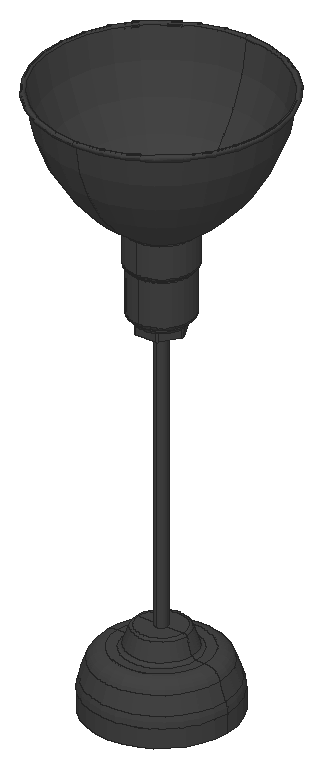
Revit family "BLE-S-DBW-E26", category Lighting Fixtures, host Face, Revit 2022 (continued)
Definition of nested family "CAN-5001"
  Forms (in)
    Revolve 2, solid, material <- "Base Material", visible <- "CAN-5001"
      angle from 0 to 360
    Extrusion 3, void
      sketch origin (0, 0, 0) x (1, 0, 0) y (0, 1, 0)
        loop
          arc (1.4825, 0.20002) -> (1.2825, 0.00002) -> (1.4825, -0.19998) r 0.2
          line (1.4825, -0.19998) -> (2.2325, -0.19998) -> (2.2325, 0.20002) -> (1.4825, 0.20002)
        loop
          line (-1.4825, 0.20002) -> (-2.2325, 0.20002) -> (-2.2325, -0.19998) -> (-1.4825, -0.19998)
          arc (-1.4825, -0.19998) -> (-1.2825, 0.00002) -> (-1.4825, 0.20002) r 0.2
        loop
          arc (-0.13375, 1.44777) -> (0, 1.31402) -> (0.13375, 1.44777) r 0.13375
          line (0.13375, 1.44777) -> (0.13375, 2.23757) -> (-0.13375, 2.23757) -> (-0.13375, 1.44777)
        loop
          line (-0.13375, -1.44777) -> (-0.13375, -2.23757) -> (0.13375, -2.23757) -> (0.13375, -1.44777)
          arc (0.13375, -1.44777) -> (0, -1.31402) -> (-0.13375, -1.44777) r 0.13375
      from 0.1 to 0.82839
  Cuts and joins
    Extrusion 3 cuts Revolve 2
  Dimensions and locks (in)
    aligned and locked: plane 2 to Extrusion 1
    aligned and locked: level to Extrusion 1
    aligned and locked: Revolve 2 sketch curve to plane 3 "Center (Left/Right)"
    aligned and locked: Extrusion 3 to Revolve 2  (x2)
  Automatic sketch dimensions
    Extrusion 1 sketch curve to Extrusion 1 sketch curve = 8' - 0"  (x2)
    Revolve 2 sketch curve to level = 0' - 0"
    Revolve 2 sketch curve to plane 3 "Center (Left/Right)" = 0' - 0"
    Revolve 2 sketch curve to plane 3 "Center (Left/Right)" = 0' - 0.0252"
    Revolve 2 sketch curve to Revolve 2 sketch curve = 0' - 0.4115"
    level to Revolve 2 sketch curve = 0' - 0.1"
    Revolve 2 sketch curve to Revolve 2 sketch curve = 0' - 1.64128"
    Revolve 2 sketch curve to Revolve 2 sketch curve = 0' - 0.10722"
    Revolve 2 sketch curve to Revolve 2 sketch curve = 0' - 0.00349"
    Revolve 2 sketch curve to level = 0' - 2.25543"
    Revolve 2 sketch curve to Revolve 2 sketch curve = 0' - 0.14311"
    Revolve 2 sketch curve to Revolve 2 sketch curve = 0' - 0.53741"
    Extrusion 3 sketch curve to plane 1 "Center (Front/Back)" = 0' - 0.20002"  (x2)
    Extrusion 3 sketch curve to plane 3 "Center (Left/Right)" = 0' - 2.2325"
    plane 1 "Center (Front/Back)" to Extrusion 3 sketch curve = 0' - 0.19998"
    Extrusion 3 sketch curve to Extrusion 3 sketch curve = 0' - 0 3/4"  (x2)
    Extrusion 3 sketch curve to plane 3 "Center (Left/Right)" = 0' - 0.13375"  (x2)
    Extrusion 3 sketch curve to plane 3 "Center (Left/Right)" = 0' - 0"  (x2)
    Extrusion 3 sketch curve to plane 1 "Center (Front/Back)" = 0' - 0.00002"
    plane 3 "Center (Left/Right)" to Extrusion 3 sketch curve = 0' - 1.4825"
    plane 1 "Center (Front/Back)" to Extrusion 3 sketch curve = 0' - 1.44777"
    Extrusion 3 sketch curve to Extrusion 3 sketch curve = 0' - 0.78979"  (x2)
    Extrusion 3 sketch curve to plane 1 "Center (Front/Back)" = 0' - 1.44777"
Definition of nested family "103264"
  Parameters (values of type "103264")
    Heat Sink 9" = yes
    Default Elevation = 2' - 0"
  Reference planes (in)
    plane 1 "Center (Front/Back)": y = 0
    plane 2: z = 0
    plane 3 "Center (Left/Right)": x = 0
  Forms (in)
    Extrusion 1, solid
      sketch origin (0, 0, 0) x (1, 0, 0) y (0, 1, 0)
        loop
          line (-48, 48) -> (-48, -48) -> (48, -48) -> (48, 48) -> (-48, 48)
      from 0 to -12
    Revolve 2, solid, visible <- "Heat Sink 9""
      sketch origin (0, 0, 0) x (1, 0, 0) y (0, 0, 1)
        loop
          line (0, 0) -> (0, 0.62434) -> (-1.30334, 0.62434)
          arc (-1.30334, 0.62434) -> (-1.32437, 0.63289) -> (-1.33347, 0.65368) r 0.03013
          line (-1.33347, 0.65368) -> (-1.34912, 1.25004) -> (-1.62392, 1.25004) -> (-1.62392, 0.90054) -> (-1.81218, 0.90054)
          arc (-1.81218, 0.90054) -> (-2.04769, 0.40262) -> (-2.55995, 0.20019) r 0.74937
          line (-2.55995, 0.20019) -> (-4.45232, 0.20019)
          arc (-4.45232, 0.20019) -> (-4.48531, 0.18703) -> (-4.50018, 0.15477) r 0.04793
          line (-4.50018, 0.15477) -> (-4.50191, 0.12184) -> (-4.39187, 0.01181)
          arc (-4.39187, 0.01181) -> (-4.3788, 0.00307) -> (-4.36337, 0) r 0.04031
          line (-4.36337, 0) -> (0, 0)
        axis (0, 1.25004) -> (0, 0)
      angle from 0 to 360
  Dimensions and locks (in)
    aligned and locked: plane 2 to Extrusion 1
    aligned and locked: level to Extrusion 1
    aligned and locked: Revolve 2 sketch curve to plane 3 "Center (Left/Right)"
  Automatic sketch dimensions
    Extrusion 1 sketch curve to Extrusion 1 sketch curve = 8' - 0"  (x2)
    Revolve 2 sketch curve to level = 0' - 0"
    Revolve 2 sketch curve to plane 3 "Center (Left/Right)" = 0' - 0"
    level to Revolve 2 sketch curve = 0' - 0.62434"
    Revolve 2 sketch curve to plane 3 "Center (Left/Right)" = 0' - 1.30334"
    Revolve 2 sketch curve to Revolve 2 sketch curve = 0' - 0.03012"
    Revolve 2 sketch curve to Revolve 2 sketch curve = 0' - 0.29046"
    Revolve 2 sketch curve to Revolve 2 sketch curve = 0' - 0.18826"
    level to Revolve 2 sketch curve = 0' - 0.20019"
    Revolve 2 sketch curve to Revolve 2 sketch curve = 0' - 0.74777"
    Revolve 2 sketch curve to Revolve 2 sketch curve = 0' - 1.80342"
    level to Revolve 2 sketch curve = 0' - 0.01181"
    Revolve 2 sketch curve to Revolve 2 sketch curve = 0' - 0.0285"
    Revolve 2 sketch curve to Revolve 2 sketch curve = 0' - 0.08895"
    level to Revolve 2 sketch curve = 0' - 0.15477"
    Revolve 2 sketch curve to Revolve 2 sketch curve = 0' - 0.04786"
    Revolve 2 sketch curve to Revolve 2 sketch curve = 0' - 0.24686"
    Revolve 2 sketch curve to Revolve 2 sketch curve = 0' - 0.3495"
    Revolve 2 sketch curve to Revolve 2 sketch curve = 0' - 0.27481"
    Revolve 2 sketch curve to level = 0' - 1.22145"
    Revolve 2 sketch curve to Revolve 2 sketch curve = 0' - 1.65421"
Definition of nested family "STM-75XX"
  Parameters (values of type "STM-75XX")
    Stem Material = none
    Stem Length = 0' - 11.9985"
    STM-75XX = yes
    Default Elevation = 3' - 0"
  Reference planes (in)
    plane 1 "Center (Front/Back)": y = 0
    plane 2: z = -0.0015
    plane 3 "Center (Left/Right)": x = 0
    plane 4 "Wood Height": z = -0.0015
    plane 5: z = 11.997
  Forms (in)
    Extrusion 1, solid
      sketch origin (0, 0, 0) x (1, 0, 0) y (0, 1, 0)
        loop
          line (-48, 48) -> (-48, -48) -> (48, -48) -> (48, 48) -> (-48, 48)
      from -0.0015 to -12
    Extrusion 2, solid, material <- "Stem Material", visible <- "STM-75XX"
      sketch origin (0, 0, 0) x (1, 0, 0) y (0, 1, 0)
        loop
          circle (0, 0) r 0.375
      from 0 to 11.9985 <- "Stem Length"
  Dimensions and locks (in)
    "Stem Length": plane 5 to Extrusion 1
    aligned and locked: plane 2 to Extrusion 1
    aligned and locked: level to Extrusion 1
    aligned and locked: Extrusion 1 to plane 4 "Wood Height"
    aligned and locked: plane 5 to Extrusion 2
  Automatic sketch dimensions
    Extrusion 1 sketch curve to Extrusion 1 sketch curve = 8' - 0"  (x2)
    plane 1 "Center (Front/Back)" to Extrusion 2 sketch curve = 0' - 0"
    Extrusion 2 sketch curve to plane 3 "Center (Left/Right)" = 0' - 0"
    radius of Extrusion 2 sketch curve = 0' - 0 3/8"
Types (37): name | SUB-0062 | STM-75XX | STM-50XX | SHD-0189 | CAN-5001 | Base Height | 24" | 20" | 16" | 14" | 12" | 10"
  (no name) | no | no | yes | yes | no | 0' - 3 11/32" | no | no | no | no | no | yes
  10" 1/2" Stem Swivel Base | yes | no | yes | no | no | 0' - 5 37/256" | no | no | no | no | no | yes
  12" 1/2" Stem Large Base | no | no | yes | yes | no | 0' - 3 11/32" | no | no | no | no | yes | no
  14" 1/2" Stem Large Base | no | no | yes | yes | no | 0' - 3 11/32" | no | no | no | yes | no | no
  16" 1/2" Stem Large Base | no | no | yes | yes | no | 0' - 3 11/32" | no | no | yes | no | no | no
  10" 1/2" Stem Large Base | no | no | yes | yes | no | 0' - 3 11/32" | no | no | no | no | no | yes
  10" 1/2" Stem Small Base | no | no | yes | no | yes | 0' - 0 53/64" | no | no | no | no | no | yes
  12" 1/2" Stem Small Base | no | no | yes | no | yes | 0' - 0 53/64" | no | no | no | no | yes | no
  12" 1/2" Stem Swivel Base | yes | no | yes | no | no | 0' - 5 37/256" | no | no | no | no | yes | no
  14" 1/2" Stem Small Base | no | no | yes | no | yes | 0' - 0 53/64" | no | no | no | yes | no | no
  14" 1/2" Stem Swivel Base | yes | no | yes | no | no | 0' - 5 37/256" | no | no | no | yes | no | no
  16" 1/2" Stem Small Base | no | no | yes | no | yes | 0' - 0 53/64" | no | no | yes | no | no | no
  16" 1/2" Stem Swivel Base | yes | no | yes | no | no | 0' - 5 37/256" | no | no | yes | no | no | no
  10" 3/4" Stem Large Base | no | yes | no | yes | no | 0' - 3 11/32" | no | no | no | no | no | yes
  10" 3/4" Stem Small Base | no | yes | no | no | yes | 0' - 0 53/64" | no | no | no | no | no | yes
  10" 3/4" Stem Swivel Base | yes | yes | no | no | no | 0' - 5 37/256" | no | no | no | no | no | yes
  12" 3/4" Stem Large Base | no | no | yes | yes | no | 0' - 3 11/32" | no | no | no | no | yes | no
  12" 3/4" Stem Small Base | no | yes | no | no | yes | 0' - 0 53/64" | no | no | no | no | yes | no
  12" 3/4" Stem Swivel Base | yes | yes | no | no | no | 0' - 5 37/256" | no | no | no | no | yes | no
  14" 3/4" Stem Large Base | no | yes | no | yes | no | 0' - 3 11/32" | no | no | no | yes | no | no
  14" 3/4" Stem Small Base | no | yes | no | no | yes | 0' - 0 53/64" | no | no | no | yes | no | no
  14" 3/4" Stem Swivel Base | yes | yes | no | no | no | 0' - 5 37/256" | no | no | no | yes | no | no
  16" 3/4" Stem Large Base | no | yes | no | yes | no | 0' - 3 11/32" | no | no | yes | no | no | no
  16" 3/4" Stem Small Base | no | yes | no | no | yes | 0' - 0 53/64" | no | no | yes | no | no | no
  16" 3/4" Stem Swivel Base | yes | yes | no | no | no | 0' - 5 37/256" | no | no | yes | no | no | no
  20" 1/2" Stem Large Base | no | no | yes | yes | no | 0' - 3 11/32" | no | yes | no | no | no | no
  20" 1/2" Stem Small Base | no | no | yes | no | yes | 0' - 0 53/64" | no | yes | no | no | no | no
  20" 1/2" Stem Swivel Base | yes | no | yes | no | no | 0' - 5 37/256" | no | yes | no | no | no | no
  20" 3/4" Stem Large Base | no | yes | no | yes | no | 0' - 3 11/32" | no | yes | no | no | no | no
  20" 3/4" Stem Small Base | no | yes | no | no | yes | 0' - 0 53/64" | no | yes | no | no | no | no
  20" 3/4" Stem Swivel Base | yes | yes | no | no | no | 0' - 5 37/256" | no | yes | no | no | no | no
  24" 1/2" Stem Large Base | no | no | yes | yes | no | 0' - 3 11/32" | yes | no | no | no | no | no
  24" 1/2" Stem Small Base | no | no | yes | no | yes | 0' - 0 53/64" | yes | no | no | no | no | no
  24" 1/2" Stem Swivel Base | yes | no | yes | no | no | 0' - 5 37/256" | yes | no | no | no | no | no
  24" 3/4" Stem Large Base | no | yes | no | yes | no | 0' - 3 11/32" | yes | no | no | no | no | no
  24" 3/4" Stem Small Base | no | yes | no | no | yes | 0' - 0 53/64" | yes | no | no | no | no | no
  24" 3/4" Stem Swivel Base | yes | yes | no | no | no | 0' - 5 37/256" | yes | no | no | no | no | no
